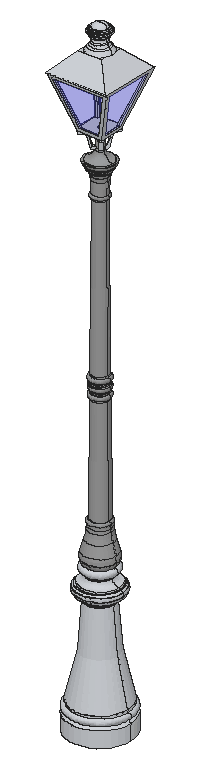
Revit family
Parameters
  Wattage Comments = "500"
  Wattage = 500 W
  built-in parameter 1150110 = 1 (stored number, unit not read)
  built-in parameter 1114217 = 1 (stored number, unit not read)
  built-in parameter 1150109 = 1 (stored number, unit not read)
  built-in parameter 1150134 = 3
  built-in parameter 1150113 = 1 (stored number, unit not read)
  Lumens = 9000 lm
  built-in parameter 1150115 = 1 (stored number, unit not read)
  built-in parameter 1150105 = 716.2 (stored number, unit not read)
  Light Source Symbol Size = 60.96 cm
  built-in parameter 1150137 = (empty or 0)
  built-in parameter 1150139 = (empty or 0)
  built-in parameter 1150112 = 1 (stored number, unit not read)
  built-in parameter 1150114 = 1 (stored number, unit not read)
  built-in parameter 1150132 = (empty or 0)
  built-in parameter 1150102 = (empty or 0)
  built-in parameter 1150138 = (empty or 0)
  built-in parameter 1150107 = 3200 (stored number, unit not read)
  built-in parameter 1150106 = 7.162 (stored number, unit not read)
  Glass = none
  built-in parameter 1150104 = 1.6723 (stored number, unit not read)
  Dimming Lamp Color Temperature Shift = (empty or 0)
  Color Filter = 16777215
  Bollard = none
  Manufacturer = ""
  built-in parameter 1114218 = 1 (stored number, unit not read)
  built-in parameter 1150133 = 10 (stored number, unit not read)
Reference planes (cm)
  plane 1 "Center (Front/Back)": y = 0
  plane 2: z = 369.4671
  plane 3 "Center (Left/Right)": x = 0
  plane 4 "Level 01": z = 369.4671
  plane 5: through (-0.1172, -0.1172, 0) normal (0.7071, 0.7071, 0)
  plane 6: through (0, 0, 0) normal (-0.7071, 0.7071, 0)
Forms (cm)
  Extrusion 1, solid, material <- "Bollard"
    sketch origin (0, 0, 0) x (1, 0, 0) y (0, 1, 0)
      loop
        circle (0, 0) r 20
    from 0 to 10
  Blend 2, solid, material <- "Bollard"
    base sketch origin (0, 0, 10) x (1, 0, 0) y (0, 1, 0)
      loop
        circle (0, 0) r 20
    top sketch origin (0, 0, 10) x (1, 0, 0) y (0, 1, 0)
      loop
        circle (0, 0) r 18
    from 0 to 2.01
  Sweep 3, solid, material <- "Bollard"
    path origin (0, 0, 12.01) x (1, 0, 0) y (0, 1, 0)
      loop
        circle (0, 0) r 18
    profile origin (0, 0, 0) x (0, -1, 0) y (0, 0, 1)
      loop
        line (-18, 12.01) -> (-18, 16.01)
        arc (-18, 16.01) -> (-20, 14.01) -> (-18, 12.01) r 2
  Extrusion 4, solid, material <- "Bollard"
    sketch origin (0, 0, 12.01) x (1, 0, 0) y (0, 1, 0)
      loop
        circle (0, 0) r 18
    from 0 to 5.3
  Revolve 5, solid, material <- "Bollard"
    sketch origin (0, 0, 0) x (1, 0, 0) y (0, 0, 1)
      loop
        line (0, 75.81) -> (-10, 75.81)
        arc (-10, 75.81) -> (-9.4343, 75.5757) -> (-9.2, 75.01) r 0.8
        arc (-9.2, 75.01) -> (-11.4186, 45.8273) -> (-18, 17.31) r 194.0908
        line (-18, 17.31) -> (0, 17.31) -> (0, 75.81)
      axis (0, 17.31) -> (0, 75.81)
    angle from 0 to 360
  Revolve 6, solid, material <- "Bollard"
    sketch origin (0, 0, 0) x (1, 0, 0) y (0, 0, 1)
      loop
        line (-9, 91.62) -> (-9, 90.62)
        arc (-9, 90.62) -> (-8.1161, 90.2539) -> (-7.75, 89.37) r 1.25
        arc (-7.75, 89.37) -> (-9.2734, 86.5102) -> (-12.4, 85.66) r 4.084
        line (-12.4, 85.66) -> (-12.4, 84.7348)
        arc (-12.4, 84.7348) -> (-12.7844, 84.6824) -> (-13.1444, 84.5379) r 1.58
        line (-13.1444, 84.5379) -> (-13.425, 84.3829)
        arc (-13.425, 84.3829) -> (-14.0058, 83.9242) -> (-14.4081, 83.3031) r 2.2699
        line (-14.4081, 83.3031) -> (-14.525, 83.035)
        arc (-14.525, 83.035) -> (-14.7565, 82.0502) -> (-14.6258, 81.047) r 2.8224
        line (-14.6258, 81.047) -> (-14.55, 80.81)
        arc (-14.55, 80.81) -> (-14.0177, 79.6401) -> (-13.2281, 78.6258) r 5.4929
        line (-13.2281, 78.6258) -> (-12.727, 78.1181)
        arc (-12.727, 78.1181) -> (-11.831, 77.3857) -> (-10.8, 76.86) r 5.4272
        line (-10.8, 76.86) -> (-10.3842, 76.7012)
        arc (-10.3842, 76.7012) -> (-10.1952, 76.6442) -> (-10, 76.6147) r 1.3806
        line (-10, 76.6147) -> (-10, 75.81) -> (0, 75.81) -> (0, 96) -> (-9, 96)
        arc (-9, 96) -> (-11.19, 93.81) -> (-9, 91.62) r 2.19
      axis (0, 75.81) -> (0, 96)
    angle from 0 to 360
  Revolve 7, solid, material <- "Bollard"
    sketch origin (0, 0, 0) x (1, 0, 0) y (0, 0, 1)
      loop
        line (-5.2484, 191.3) -> (-5.7452, 121.9841) -> (-6.3364, 121.7528)
        arc (-6.3364, 121.7528) -> (-7.0209, 121.1269) -> (-7.1084, 120.2035) r 1.2899
        arc (-7.1084, 120.2035) -> (-6.893, 119.0694) -> (-6.8738, 117.9151) r 6.7547
        line (-6.8738, 117.9151) -> (-7.0046, 116.0218)
        arc (-7.0046, 116.0218) -> (-7.3771, 112.9926) -> (-8.07, 110.0203) r 28.6156
        line (-8.07, 110.0203) -> (-10.0474, 103.2049)
        arc (-10.0474, 103.2049) -> (-10.4339, 101.2312) -> (-10.4647, 99.2202) r 11.3097
        line (-10.4647, 99.2202) -> (-10.4461, 98.9687)
        arc (-10.4461, 98.9687) -> (-10.0042, 97.3427) -> (-8.9862, 96) r 4.4232
        line (-8.9862, 96) -> (0, 96) -> (0, 358.1701) -> (-2.952, 358.1701)
        arc (-2.952, 358.1701) -> (-2.9085, 357.966) -> (-2.7582, 357.8212) r 0.3564
        line (-2.7582, 357.8212) -> (-2.7582, 353.3351)
        arc (-2.7582, 353.3351) -> (-2.3154, 352.2817) -> (-1.3036, 351.7504) r 1.6911
        line (-1.3036, 351.7504) -> (-1.3036, 351.4485) -> (-1.2148, 351.4485) -> (-1.2148, 349.8117) -> (-0.957, 349.8117) -> (-0.957, 341.7648) -> (-1.2045, 341.7648) -> (-1.2045, 341.5273) -> (-1.356, 341.5273)
        arc (-1.356, 341.5273) -> (-1.5778, 341.1313) -> (-1.9803, 340.9216) r 0.7936
        line (-1.9803, 340.9216) -> (-1.9803, 340.6376) -> (-2.2452, 340.6376) -> (-2.2452, 336.42) -> (-2.75, 335)
        arc (-2.75, 335) -> (-4.1865, 330.7995) -> (-8.15, 328.8) r 5.8809
        line (-8.15, 328.8) -> (-8.15, 328.2) -> (-9.5, 328.2)
        arc (-9.5, 328.2) -> (-9.1018, 327.1955) -> (-8.15, 326.6841) r 1.5748
        line (-8.15, 326.6841) -> (-8.15, 326.1)
        arc (-8.15, 326.1) -> (-7.5426, 325.6981) -> (-7.3361, 324.9996) r 1.0639
        arc (-7.3361, 324.9996) -> (-7.5429, 324.7467) -> (-7.6, 324.425) r 0.6477
        arc (-7.6, 324.425) -> (-7.5213, 324.1852) -> (-7.3417, 324.0079) r 0.5363
        line (-7.3417, 324.0079) -> (-7.1031, 323.8645)
        arc (-7.1031, 323.8645) -> (-6.7806, 323.608) -> (-6.5355, 323.2769) r 1.58
        line (-6.5355, 323.2769) -> (-6.1206, 322.5292)
        arc (-6.1206, 322.5292) -> (-6.0645, 322.418) -> (-6.0173, 322.3026) r 1.5793
        line (-6.0173, 322.3026) -> (-5.3751, 320.5366)
        arc (-5.3751, 320.5366) -> (-5.3432, 320.439) -> (-5.3177, 320.3395) r 1.579
        line (-5.3177, 320.3395) -> (-4.72, 317.65) -> (-4.5574, 309.3503)
        arc (-4.5574, 309.3503) -> (-5.5121, 308.4467) -> (-4.6, 307.5) r 0.9255
        line (-4.6, 307.5) -> (-4.6, 306.6) -> (-4.25, 306.6) -> (-5, 205.4) -> (-5.2, 205.4) -> (-5.2, 204.6)
        arc (-5.2, 204.6) -> (-6.4996, 203.3309) -> (-5.2617, 202.0015) r 1.3
        line (-5.2617, 202.0015) -> (-5.2617, 201.42)
        arc (-5.2617, 201.42) -> (-5.4064, 200.9912) -> (-5.4815, 200.5448) r 2.8515
        line (-5.4815, 200.5448) -> (-5.5137, 200.1756) -> (-5.5881, 200.0055)
        arc (-5.5881, 200.0055) -> (-5.6677, 199.8314) -> (-5.7531, 199.6601) r 5.7072
        arc (-5.7531, 199.6601) -> (-5.8347, 199.4871) -> (-5.9026, 199.3084) r 2.4771
        arc (-5.9026, 199.3084) -> (-6.3456, 198.225) -> (-5.9026, 197.1416) r 1.5464
        arc (-5.9026, 197.1416) -> (-5.8347, 196.9629) -> (-5.7531, 196.7899) r 2.4771
        arc (-5.7531, 196.7899) -> (-5.6674, 196.6187) -> (-5.5869, 196.4449) r 6.2953
        line (-5.5869, 196.4449) -> (-5.5047, 196.26) -> (-5.482, 195.9107)
        arc (-5.482, 195.9107) -> (-5.3991, 195.4622) -> (-5.2323, 195.0376) r 2.3873
        line (-5.2323, 195.0376) -> (-5.2323, 194.45) -> (-5.465, 194.45)
        arc (-5.465, 194.45) -> (-6.3685, 193.3) -> (-5.465, 192.15) r 1.1836
        line (-5.465, 192.15) -> (-5.465, 191.3) -> (-5.2484, 191.3)
      axis (0, 96) -> (0, 358.1701)
    angle from 0 to 360
  Extrusion 8, solid, material <- "Bollard"
    sketch origin (0.8455, -1.0449, 0) x (0.707107, 0.707107, 0) y (0, 0, 1)
      loop
        line (-9.4875, 345.4671) -> (-10.9218, 345.4671)
        arc (-10.9218, 345.4671) -> (-11.2908, 345.084) -> (-10.9076, 344.715) r 0.3762
        line (-10.9076, 344.715) -> (-9.7511, 344.715)
        arc (-9.7511, 344.715) -> (-7.4661, 343.9055) -> (-6.2003, 341.8381) r 3.6298
        line (-6.2003, 341.8381) -> (-5.1408, 336.8412)
        arc (-5.1408, 336.8412) -> (-4.3307, 335.5181) -> (-2.8683, 335) r 2.323
        line (-2.8683, 335) -> (2.8683, 335)
        arc (2.8683, 335) -> (4.3307, 335.5181) -> (5.1408, 336.8412) r 2.323
        line (5.1408, 336.8412) -> (6.2003, 341.8381)
        arc (6.2003, 341.8381) -> (7.4661, 343.9055) -> (9.7511, 344.715) r 3.6298
        line (9.7511, 344.715) -> (10.9076, 344.715)
        arc (10.9076, 344.715) -> (11.2909, 345.0911) -> (10.9076, 345.4671) r 0.3762
        line (10.9076, 345.4671) -> (9.4875, 345.4671)
        arc (9.4875, 345.4671) -> (6.7804, 344.5237) -> (5.246, 342.1021) r 4.3557
        line (5.246, 342.1021) -> (4.1126, 337.2497)
        arc (4.1126, 337.2497) -> (3.7546, 336.6846) -> (3.1229, 336.4645) r 1.0163
        line (3.1229, 336.4645) -> (0.8955, 336.4645) -> (0.8955, 336.9311) -> (-0.4814, 336.9311) -> (-0.4814, 336.4645) -> (-3.1229, 336.4645)
        arc (-3.1229, 336.4645) -> (-3.7546, 336.6846) -> (-4.1126, 337.2497) r 1.0163
        line (-4.1126, 337.2497) -> (-5.246, 342.1021)
        arc (-5.246, 342.1021) -> (-6.7804, 344.5237) -> (-9.4875, 345.4671) r 4.3557
    from -2.327 to -0.327
  Blend 9, solid, material <- "Bollard"
    base sketch origin (0, 0, 0) x (1, 0, 0) y (0, 1, 0)
      loop
        line (-7.7977, 7.6335) -> (-7.7977, -7.838) -> (7.6021, -7.838) -> (7.6021, 7.6335) -> (-7.7977, 7.6335)
    top sketch origin (0, 0, 0) x (1, 0, 0) y (0, 1, 0)
      loop
        line (-19.3168, 19.9992) -> (-19.3168, -19.0008) -> (19.3168, -19.0008) -> (19.3168, 19.9992) -> (-19.3168, 19.9992)
    from 345.4671 to 380.0887
  Extrusion 10, solid, material <- "Bollard"
    sketch origin (-1.0333, -1.0434, 0) x (0.705464, -0.708746, 0) y (0, 0, 1)
      loop
        line (-9.4875, 345.4671) -> (-10.9218, 345.4671)
        arc (-10.9218, 345.4671) -> (-11.2908, 345.084) -> (-10.9076, 344.715) r 0.3762
        line (-10.9076, 344.715) -> (-9.7511, 344.715)
        arc (-9.7511, 344.715) -> (-7.4661, 343.9055) -> (-6.2003, 341.8381) r 3.6298
        line (-6.2003, 341.8381) -> (-5.1408, 336.8412)
        arc (-5.1408, 336.8412) -> (-4.3307, 335.5181) -> (-2.8683, 335) r 2.323
        line (-2.8683, 335) -> (2.8683, 335)
        arc (2.8683, 335) -> (4.3307, 335.5181) -> (5.1408, 336.8412) r 2.323
        line (5.1408, 336.8412) -> (6.2003, 341.8381)
        arc (6.2003, 341.8381) -> (7.4661, 343.9055) -> (9.7511, 344.715) r 3.6298
        line (9.7511, 344.715) -> (10.9076, 344.715)
        arc (10.9076, 344.715) -> (11.2909, 345.0911) -> (10.9076, 345.4671) r 0.3762
        line (10.9076, 345.4671) -> (9.4875, 345.4671)
        arc (9.4875, 345.4671) -> (6.7804, 344.5237) -> (5.246, 342.1021) r 4.3557
        line (5.246, 342.1021) -> (4.1126, 337.2497)
        arc (4.1126, 337.2497) -> (3.7546, 336.6846) -> (3.1229, 336.4645) r 1.0163
        line (3.1229, 336.4645) -> (0.8955, 336.4645) -> (0.8955, 336.9311) -> (-0.4814, 336.9311) -> (-0.4814, 336.4645) -> (-3.1229, 336.4645)
        arc (-3.1229, 336.4645) -> (-3.7546, 336.6846) -> (-4.1126, 337.2497) r 1.0163
        line (-4.1126, 337.2497) -> (-5.246, 342.1021)
        arc (-5.246, 342.1021) -> (-6.7804, 344.5237) -> (-9.4875, 345.4671) r 4.3557
    from -2.327 to -0.327
  Extrusion 11, void
    sketch origin (0, 0, 0) x (1, 0, 0) y (0, 0, 1)
      loop
        line (-16.5436, 378.0887) -> (-6.3553, 347.4671) -> (6.1675, 347.4671) -> (16.5287, 378.0887) -> (-16.5436, 378.0887)
    from -64.2817 to 50
  Extrusion 12, void
    sketch origin (0, 0, 0) x (0, 1, 0) y (0, 0, 1)
      loop
        line (6.2241, 347.4671) -> (17.1611, 378.0887) -> (-16.2546, 378.0887) -> (-6.3814, 347.4671) -> (6.2241, 347.4671)
    from -66.6197 to 50
  Revolve 13, solid, material <- "Bollard"
    sketch origin (0, 0, 0) x (1, 0, 0) y (0, 0, 1)
      loop
        line (0, 407.7329) -> (-0.6814, 407.7329)
        arc (-0.6814, 407.7329) -> (-2.8893, 407.1531) -> (-4.3906, 405.4335) r 3.8859
        line (-4.3906, 405.4335) -> (-4.975, 405.4335)
        arc (-4.975, 405.4335) -> (-5.1774, 405.352) -> (-5.3206, 405.1873) r 0.4663
        arc (-5.3206, 405.1873) -> (-5.3607, 405.0792) -> (-5.3731, 404.9646) r 0.4663
        line (-5.3731, 404.9646) -> (-5.4066, 404.4848) -> (-5.8571, 404.4848)
        arc (-5.8571, 404.4848) -> (-5.9677, 404.4316) -> (-6.001, 404.3133) r 0.1492
        line (-6.001, 404.3133) -> (-6.001, 404.1117) -> (-6.1482, 404.1117)
        arc (-6.1482, 404.1117) -> (-6.3664, 403.9726) -> (-6.4819, 403.7411) r 0.4844
        arc (-6.4819, 403.7411) -> (-6.8205, 403.6053) -> (-7.0129, 403.2954) r 0.5853
        line (-7.0129, 403.2954) -> (-7.0129, 402.8039) -> (-6.2227, 402.8039)
        arc (-6.2227, 402.8039) -> (-5.7117, 401.9173) -> (-5.4634, 400.9246) r 3.6957
        line (-5.4634, 400.9246) -> (-5.4634, 400.3294)
        arc (-5.4634, 400.3294) -> (-3.7765, 399.2923) -> (-4.0664, 397.3334) r 1.7978
        arc (-4.0664, 397.3334) -> (-4.454, 397.0057) -> (-4.7369, 396.5843) r 1.8343
        line (-4.7369, 396.5843) -> (-5.5029, 395.1694)
        arc (-5.5029, 395.1694) -> (-6.0058, 394.7079) -> (-6.5679, 394.3207) r 4.9082
        line (-6.5679, 394.3207) -> (-8.0868, 391.8926) -> (0, 391.8926) -> (0, 407.7329)
      axis (0, 391.8926) -> (0, 407.7329)
    angle from 0 to 360
  Blend 14, solid, material <- "Bollard"
    base sketch origin (0, 0, 380.0887) x (1, 0, 0) y (0, 1, 0)
      loop
        line (-19.3168, -19.5) -> (19.3168, -19.5) -> (19.3168, 19.5) -> (-19.3168, 19.5) -> (-19.3168, -19.5)
    top sketch origin (0, 0, 380.0887) x (1, 0, 0) y (0, 1, 0)
      loop
        line (-7.7977, 7.6335) -> (-7.7977, -7.838) -> (7.6021, -7.838) -> (7.6021, 7.6335) -> (-7.7977, 7.6335)
    from 0 to 11.8039
  Extrusion 15, solid, material <- "Glass"
    sketch origin (-7.7977, -0.1022, 345.4671) x (0, -1, 0) y (-0.3157, 0, 0.948859)
      loop
        line (-17.2633, 34.3798) -> (-6.3263, 2.1078) -> (6.2792, 2.1078) -> (16.1524, 34.3798) -> (-17.2633, 34.3798)
    from 0 to -1
  Extrusion 16, solid, material <- "Glass"
    sketch origin (-0.0978, -7.838, 345.4671) x (1, 0, 0) y (0, -0.306869, 0.951752)
      loop
        line (-16.4458, 34.2753) -> (-6.2576, 2.1014) -> (6.2653, 2.1014) -> (16.6265, 34.2753) -> (-16.4458, 34.2753)
    from 0 to -1
  Extrusion 17, solid, material <- "Glass"
    sketch origin (-0.0978, 7.6335, 345.4671) x (-1, 0, 0) y (0, 0.336355, 0.941735)
      loop
        line (-16.6265, 34.6398) -> (-6.2653, 2.1237) -> (6.2576, 2.1237) -> (16.4458, 34.6398) -> (-16.6265, 34.6398)
    from 0 to -1
  Extrusion 18, solid, material <- "Glass"
    sketch origin (7.6021, -0.1022, 345.4671) x (0, 1, 0) y (0.320513, 0, 0.947244)
      loop
        line (-16.1524, 34.4384) -> (-6.2792, 2.1114) -> (6.3263, 2.1114) -> (17.2633, 34.4384) -> (-16.1524, 34.4384)
    from 0 to -1
Cuts and joins
  Extrusion 11, Extrusion 12 cuts Extrusion 1
  Extrusion 11, Extrusion 12 cuts Blend 2
  Extrusion 11, Extrusion 12 cuts Sweep 3
  Extrusion 11, Extrusion 12 cuts Extrusion 4
  Extrusion 11, Extrusion 12 cuts Revolve 5
  Extrusion 11, Extrusion 12 cuts Revolve 6
  Extrusion 11, Extrusion 12 cuts Revolve 7
  Extrusion 11, Extrusion 12 cuts Extrusion 8
  Extrusion 11, Extrusion 12 cuts Blend 9
  Extrusion 11, Extrusion 12 cuts Extrusion 10
Lines and regions (cm)
  symbolic lines
    curve 1: arc (-20, 0, 14.01) -> (-19.4142, 0, 15.4242) -> (-18, 0, 16.01) r 2
    curve 2: arc (-10, -0.0157, 0) -> (10, 0, 0) -> (-10, 0.0157, 0) r 10
Dimensions and locks (cm)
  angle plane 3 "Center (Left/Right)" to plane 5 = 45.00°
  angle plane 1 "Center (Front/Back)" to plane 6 = 45.00°
  aligned and locked: plane 3 "Center (Left/Right)" to imposter light
  aligned and locked: imposter light to plane 1 "Center (Front/Back)"
  aligned and locked: plane 2 to imposter light
  aligned and locked: plane 4 "Level 01" to imposter light
